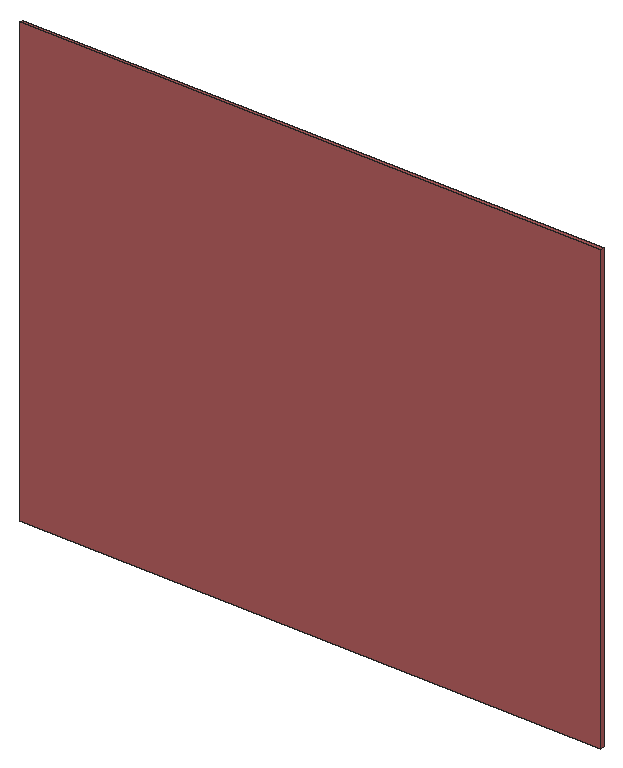
Revit family "防火板防火封堵", category 电缆桥架配件, Revit 2020
Family settings
  圆形连接件大小 = 使用直径
  零件类型 = 槽式多个端口
  基于工作平面 = 否
  总是垂直 = 是
  加载时剪切的空心 = 是
  共享 = 否
Parameters (values of type "(宽度+50)×(高度+50)")
  默认高程 = 0 mm
  系统缩写 [instance] = ""
  穿管高度 [instance] = 450 mm
  穿管长度 [instance] = 300 mm
  穿管宽度 [instance] = 630 mm
  洞口高度 [instance] = 穿管高度 + 外扩尺寸  # 500 mm
  洞口类型 [instance] = ""
  洞口宽度 [instance] = 穿管宽度 + 外扩尺寸  # 680 mm
  材质 = 耐火漆钢
  防火板外扩宽度 [instance] = 50 mm
  防火板厚度 [instance] = 5 mm
  底部标高BL [instance] = 中心标高CL - 洞口高度 / 2  # -250 mm
  外扩尺寸 = 50 mm
  built-in parameter 1114242 [instance] = (empty or 0)
  中心标高CL [instance] = 0 mm
Types (4, lengths in mm): name | 洞口高度 | 洞口宽度 | 底部标高BL | 外扩尺寸
  (宽度+100)×(高度+100) | 550 | 730 | -275 | 100
  (宽度+50)×(高度+50) | 500 | 680 | -250 | 50
  (宽度+150)×(高度+150) | 600 | 780 | -300 | 150
  (宽度+200)×(高度+200) | 650 | 830 | -325 | 200
Reference planes
  plane 1 "中心(前/后)": y = 0
  plane 2: z = 0
  plane 3 "中心(左/右)": x = 0
  plane 4 "前": y = -150
  plane 5 "后": y = 150
  plane 6 "左": x = -340
  plane 7 "右": x = 340
  plane 8: y = 155
  plane 9: x = -390
  plane 10: x = 390
  plane 11 "顶": z = 250
  plane 12 "底": z = -250
  plane 13: z = 300
  plane 14: z = -300
Forms (mm)
  Sweep 1, void
    path in 3D
      loop
        line (0, -150, 0) -> (0, 155, 0)
    profile origin (0, 2.5, 0) x (-1, 0, 0) y (0, 0, 1)
      loop
        line (340, 250) -> (-340, 250) -> (-340, -250) -> (340, -250) -> (340, 250)
  Sweep 2, solid, material "耐火漆钢" <- "材质", detail levels fine
    path origin (0, 0, 0) x (1, 0, 0) y (0, 1, 0)
      loop
        line (0, 155) -> (0, 150)
    profile origin (0, 152.5, 0) x (1, 0, 0) y (0, 0, 1)
      loop
        line (390, 300) -> (-390, 300) -> (-390, -300) -> (390, -300) -> (390, 300)
Lines and regions (mm)
  reference lines
    curve 1: line (0, -150, 0) -> (0, 155, 0)
  sketch lines
    curve 2: line (0, -150, 0) -> (0, 155, 0)
  model lines, style "套管洞口二维", detail levels coarse+medium
    curve 3: line (-340, -150, 250) -> (340, -150, 250)
    curve 4: line (340, -150, 250) -> (340, -150, -250)
    curve 5: line (340, -150, -250) -> (-340, -150, -250)
    curve 6: line (-340, -150, -250) -> (-340, -150, 250)
    curve 7: line (390, 150, 300) -> (390, 150, -300)
    curve 8: line (390, 150, -300) -> (-390, 150, -300)
    curve 9: line (-390, 150, -300) -> (-390, 150, 300)
    curve 10: line (-390, 150, 300) -> (390, 150, 300)
    curve 11: line (340, 150, 250) -> (-340, 150, 250)
    curve 12: line (-340, 150, 250) -> (-340, 150, -250)
    curve 13: line (-340, 150, -250) -> (340, 150, -250)
    curve 14: line (340, 150, -250) -> (340, 150, 250)
    curve 15: line (-340, 150, 250) -> (-340, -150, 250)
    curve 16: line (-340, 150, -250) -> (-340, -150, -250)
    curve 17: line (340, -150, 250) -> (340, 150, 250)
    curve 18: line (340, -150, -250) -> (340, 150, -250)
  symbolic lines, style "套管洞口二维", detail levels coarse+medium
    curve 19: line (-340, 150, 0) -> (340, -150, 0)
    curve 20: line (-340, -150, 0) -> (340, 150, 0)
Dimensions and locks
  "防火板厚度": plane 8 to plane 5 "后"
  equal spacing: plane 7 "右", plane 3 "中心(左/右)", plane 6 "左"
  equal spacing: plane 11 "顶", plane 2, plane 12 "底"
  "洞口高度": plane 11 "顶" to plane 12 "底"
  "洞口宽度": plane 7 "右" to plane 6 "左"
  "防火板外扩宽度": plane 13 to plane 11 "顶"
  "防火板外扩宽度": plane 6 "左" to plane 9
  "防火板外扩宽度": plane 10 to plane 7 "右"
  "防火板外扩宽度": plane 12 "底" to plane 14
  equal spacing: plane 5 "后", plane 1 "中心(前/后)", plane 4 "前"
  "穿管长度": plane 5 "后" to plane 4 "前"
  aligned and locked: plane 3 "中心(左/右)" to curve 1
  aligned and locked: plane 8 to curve 1
  aligned and locked: plane 8 to Sweep 2 sketch curve
  aligned and locked: plane 5 "后" to Sweep 2 sketch curve
  aligned and locked: Sweep 2 sketch curve to plane 3 "中心(左/右)"
  aligned and locked: plane 4 "前" to curve 1
  aligned and locked: Sweep 1 sketch curve to plane 11 "顶"
  aligned and locked: plane 6 "左" to Sweep 1 sketch curve
  aligned and locked: plane 12 "底" to Sweep 1 sketch curve
  aligned and locked: Sweep 1 sketch curve to plane 7 "右"
  aligned and locked: plane 13 to Sweep 2 sketch curve
  aligned and locked: Sweep 2 sketch curve to plane 9
  aligned and locked: Sweep 2 sketch curve to plane 14
  aligned and locked: plane 10 to Sweep 2 sketch curve
Automatic sketch dimensions
  curve 3 to plane 7 "右" = 0 mm
  curve 3 to plane 6 "左" = 0 mm
  curve 6 to plane 12 "底" = 0 mm
  curve 6 to plane 11 "顶" = 0 mm
  curve 7 to plane 10 = 0 mm
  curve 13 to plane 7 "右" = 0 mm
  curve 13 to plane 6 "左" = 0 mm
  curve 9 to plane 9 = 0 mm
  curve 7 to plane 14 = 0 mm
  curve 13 to plane 12 "底" = 0 mm
  curve 11 to plane 11 "顶" = 0 mm
  curve 10 to plane 13 = 0 mm
  curve 15 to plane 4 "前" = 0 mm
  curve 16 to plane 4 "前" = 0 mm
  curve 16 to plane 5 "后" = 0 mm
  curve 15 to plane 5 "后" = 0 mm
  curve 16 to plane 12 "底" = 0 mm
  curve 15 to plane 11 "顶" = 0 mm
  curve 18 to plane 4 "前" = 0 mm
  curve 17 to plane 4 "前" = 0 mm
  curve 18 to plane 5 "后" = 0 mm
  curve 17 to plane 5 "后" = 0 mm
  curve 18 to plane 12 "底" = 0 mm
  curve 17 to plane 11 "顶" = 0 mm
  curve 20 to plane 4 "前" = 0 mm
  curve 20 to plane 6 "左" = 0 mm
  curve 19 to plane 5 "后" = 0 mm
  curve 19 to plane 6 "左" = 0 mm
  curve 20 to plane 5 "后" = 0 mm
  curve 20 to plane 7 "右" = 0 mm
  curve 19 to plane 4 "前" = 0 mm
  curve 19 to plane 7 "右" = 0 mm
